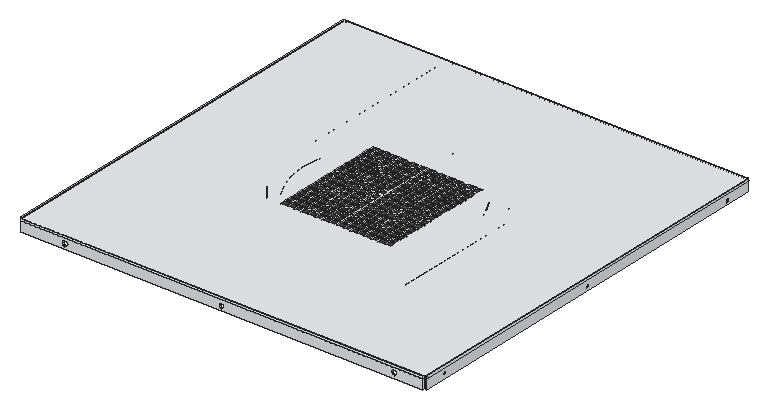
Revit family "DT22", category Communication Devices, host Face, Revit 2014
Parameters
  Width = 23.90"
  Weight in Pounds = 11.3
  Warranty = "TBD"
  Vertical Symmetry = no
  URL = "www.atlassound.com"
  Type Driver = "8\" Dual Cone"
  Speaker Listening Height = 30.00"
  Speaker Height = 120.00"
  Speaker Cone Visible [instance] = no
  Speaker Cone Height [instance] = (Speaker Height - Speaker Listening Height)  # 90.00"
  Sensitivity = 96
  ScheduleType |RF| = "AtlasIED Master"
  Safety Agency Ratings = "UL Listed to Comply with UL1480, UL2043"
  Radius of Speaker Cone [instance] = (Speaker Cone Height) * tan(Dispersion Angle / 2)  # 117.29028"
  Product Page URL = "https://www.atlasied.com/Product/ProductDetails?productId=3137"
  Product Documentation Link = "https://www.atlasied.com/f/3081/ATS004929%20DT22%20Datasheet.pdf"
  Power Rating (RMS) = "10 Watts"
  Part Number = "DT22"
  OmniClass Title = "SPEAKERS"
  OmniClass Number = "23-37 17 13 19"
  Mount Material = Default
  Model = "DT22"
  MaterFormat Title = ""
  MasterFormat = "27 41 13"
  Market = "Commercial, Higher Education, Emergency"
  Manufacturer URL = "https://www.atlasied.com"
  Manufacturer Phone = "(800) 876 - 3333"
  Manufacturer Email = "support@atlasied.com"
  Manufacturer Address = "4545 E. Baseline Rd., Phoenix, AZ 85042"
  Manufacturer = "ATLAS SOUND"
  Ingress Protection = "IP-21"
  IQ Category = "SPEAKERS"
  Horizontal Symmetry = no
  Height = 23.90"
  Grill Material = none
  Frequency Response  = "100Hz-5kHz"
  Family Code (default) = "ITS Inc."
  Enclosure Material = none
  Dispersion Angle [instance] = 105.00°
  Description = "2' X 2' DROP TILE LOUDSPEAKER PACKAGE"
  Depth = 4.53"
  Default Elevation = 48.00"
  Cost MSRP = 97.99
  Cost = 0
  Color = none
  Body Material = QF_Plastic - White - Smooth
  Baffle Material = none
  70V Taps [instance] = ".25, .5, 1, 2, & .4 Watts"
  25V Taps = ".25, .5, 1, 2, & .4 Watts"
Reference planes (in)
  plane 1 "Center (Front/Back)": y = 0
  plane 2: z = 0
  plane 3 "Center (Left/Right)": x = 0
  plane 4: x = 23.9
  plane 5: y = 23.9
  plane 6: z = -23.9
  plane 7: x = 11.95
Forms (in)
  Extrusion 1, void
    sketch origin (0, 0, 0) x (1, 0, 0) y (0, 1, 0)
      loop
        line (0, 23.9) -> (0, 0) -> (23.9, 0) -> (23.9, 23.9) -> (0, 23.9)
    from 0 to -4.2
  Blend 2, solid, material "Glass", visible <- "Speaker Cone Visible"
    base sketch origin (15.46159, -168.14521, 0.05) x (0, -1, 0) y (1, 0, 0)
      loop
        circle (-180.09521, -3.51159) r 117.29028
    top sketch origin (15.46159, -168.14521, 0.05) x (0, -1, 0) y (1, 0, 0)
      loop
        circle (-180.09521, -3.51159) r 0.13513
    from 90 <- "Speaker Cone Height" to 0
Lines and regions (in)
  symbolic lines, style "Sound Projection Average", visible <- "Speaker Cone Visible"
    curve 1: circle (11.95, 11.95, 0) r 117.29028 normal (0, 0, 1)
Dimensions and locks (in)
  "Height": level to plane 6
  "Width": plane 3 "Center (Left/Right)" to plane 4
  "Height": plane 5 to plane 1 "Center (Front/Back)"
  equal spacing: plane 3 "Center (Left/Right)", plane 7, plane 4
  "Radius of Speaker Cone": radius of Blend 2 sketch curve
  aligned and locked: plane 2 to host face
  aligned and locked: level to host face
  aligned and locked: curve 1 to Blend 2
Automatic sketch dimensions
  host sketch curve to host sketch curve = 96.00"  (x2)
  plane 1 "Center (Front/Back)" to Extrusion 1 sketch curve = 0.00"
  Extrusion 1 sketch curve to plane 3 "Center (Left/Right)" = 0.00"
  Extrusion 1 sketch curve to plane 4 = 0.00"
  Extrusion 1 sketch curve to plane 5 = 0.00"
  plane 3 "Center (Left/Right)" to Blend 2 sketch curve = 11.95"
  Blend 2 sketch curve to plane 1 "Center (Front/Back)" = 11.95"  (x2)
  Blend 2 sketch curve to plane 7 = 0.00"
  radius of Blend 2 sketch curve = 0.13513"
Nested families (in)
  nested 1: "ATLAS SOUND_DT22" at (11.95, 11.95, -4.48), type "FEST-SERIES"
    with Family Version "2017-01", Bracket Offset 0.00", Bracket yes
Definition of nested family "ATLAS SOUND_DT22"
  Parameters (values of type "FEST-SERIES")
    Width = 17.63"
    Weight Product = 0
    Warranty = "TBD"
    Vertical Symmetry = yes
    URL = "www.atlassound.com"
    Specification by User (default) = "TBD"
    ScheduleType |RF| = "AtlasIED Master"
    Product Page URL = "https://www.atlasied.com/fest-i8s"
    Product Documentation Link = "https://www.atlasied.com/f/2864/ATS002382C%20IP%20Enclosures%20Datasheet.pdf"
    OmniClass Title = "AUDIO VISUAL ENCLOSURES"
    OmniClass Number = "23-37 17 13 19"
    Mount Material = Default
    Model = "FEST-I8S"
    MaterFormat Title = "Public Information Systems"
    MasterFormat = "27 41 13"
    Market = "Commercial, Higher Education, Emergency"
    Manufacturer URL = "https://www.atlasied.com"
    Manufacturer Phone = "(800) 876 - 3333"
    Manufacturer Email = "support@atlasied.com"
    Manufacturer Address = "4545 E. Baseline Rd., Phoenix, AZ 85042"
    Manufacturer = "ATLAS SOUND"
    Ingress Protection = "TBD"
    IQ Category = "AUDIO VISUAL ENCLOSURES"
    Horizontal Symmetry = yes
    Height = 10.63"
    Grill Material = none
    Family Version [instance] = "2017-01"
    Family Code (default) = "LOUD SPEAKERS"
    Enclosure Material = none
    Description = "FLUSH MOUNT ENCLOSURE IS DESIGNED FOR USE ONLY WITH ATLAS SOUND LOUDSPEAKER SYSTEM MODELS I8S AND I8SM. THE UNIT INCLUDES A SLOT STYLE MOUNTING SYSTEM TO ACCOMMODATE ALMOST ANY MATERIAL THICKNESS. THE ENCLOSURE IS CONSTRUCTED OF 20-GAUGE CRS AND FINISHED IN RECLAIMED POWDER COAT FINISH."
    Depth = 3.75"
    Cost MSRP = 0
    Cost = 0
    Color = none
    Bracket Spacing = 15.50"
    Bracket Offset [instance] = 0.00"
    Bracket [instance] = yes
    Body Spacing = 10.63"
    Body Material = QF_Plastic - White - Smooth
    Baffle Material = none
  Reference planes (in)
    plane 1 "Center (Front/Back)": y = 0
    plane 2: z = 0
    plane 3 "Center (Left/Right)": x = 0
    plane 4: z = 4.53
    plane 5: y = 11.95
    plane 6: y = -11.95
    plane 7: x = -11.95
    plane 8: x = 11.95
    plane 9: z = 4.48
    plane 10: x = 5.805
    plane 11: x = -5.805
    plane 12: y = 5.805
    plane 13: y = -5.805
    plane 14: z = 3.84202
    plane 15: z = 4.42202
  Forms (in)
    Extrusion 1, solid, material "QF_Plastic - White - Smooth" <- "Body Material"
      sketch origin (0, -0.04687, -0.78125) x (1, 0, 0) y (0, 1, 0)
        loop
          line (11.9, -11.77466) -> (11.9, 11.86841) -> (11.81656, 11.94687) -> (-11.81656, 11.94687) -> (-11.9, 11.86841) -> (-11.9, -11.77466) -> (-11.81656, -11.85313) -> (11.81656, -11.85313) -> (11.9, -11.77466)
        loop
          line (-3.41, 3.45687) -> (-3.41, 3.14211) -> (-3.06661, 3.14211) -> (-3.06661, 3.45687) -> (-3.41, 3.45687)
        loop
          line (-3.41, 2.72858) -> (-3.06661, 2.72858) -> (-3.06661, 3.05298) -> (-3.41, 3.05298) -> (-3.41, 2.72858)
        loop
          line (-3.41, 2.63945) -> (-3.41, 2.28294) -> (-3.06661, 2.28294) -> (-3.06661, 2.63945) -> (-3.41, 2.63945)
        loop
          line (-3.41, 2.20618) -> (-3.41, 1.90004) -> (-3.06661, 1.90004) -> (-3.06661, 2.20618) -> (-3.41, 2.20618)
        loop
          line (-3.41, 1.8285) -> (-3.41, 1.50764) -> (-3.06661, 1.50764) -> (-3.06661, 1.8285) -> (-3.41, 1.8285)
        loop
          line (-3.41, 1.42742) -> (-3.41, 1.09765) -> (-3.06661, 1.09765) -> (-3.06661, 1.42742) -> (-3.41, 1.42742)
        loop
          line (-3.41, 1.03972) -> (-3.41, 0.70549) -> (-3.06661, 0.70549) -> (-3.06661, 1.03972) -> (-3.41, 1.03972)
        loop
          line (-3.41, 0.62973) -> (-3.41, 0.27767) -> (-3.06661, 0.27767) -> (-3.06661, 0.62973) -> (-3.41, 0.62973)
        loop
          line (-3.41, 0.17953) -> (-3.41, -0.25179) -> (-3.06661, -0.25179) -> (-3.06661, 0.17953) -> (-3.41, 0.17953)
        loop
          line (-3.41, -0.3394) -> (-3.41, -0.72505) -> (-3.06661, -0.72505) -> (-3.06661, -0.3394) -> (-3.41, -0.3394)
        loop
          line (-3.41, -0.80018) -> (-3.41, -1.24194) -> (-3.06661, -1.24194) -> (-3.06661, -0.80018) -> (-3.41, -0.80018)
        loop
          line (-3.41, -1.31557) -> (-3.41, -1.67208) -> (-3.06661, -1.67208) -> (-3.06661, -1.31557) -> (-3.41, -1.31557)
        loop
          line (-3.41, -1.73986) -> (-3.41, -2.08087) -> (-3.06661, -2.08087) -> (-3.06661, -1.73986) -> (-3.41, -1.73986)
        loop
          line (-3.41, -2.14288) -> (-3.41, -2.47363) -> (-3.06661, -2.47363) -> (-3.06661, -2.14288) -> (-3.41, -2.14288)
        loop
          line (-3.41, -2.53448) -> (-3.41, -2.88712) -> (-3.06661, -2.88712) -> (-3.06661, -2.53448) -> (-3.41, -2.53448)
        loop
          line (-3.41, -2.94524) -> (-3.41, -3.31338) -> (-3.06661, -3.31338) -> (-3.06661, -2.94524) -> (-3.41, -2.94524)
        loop
          line (-3.00375, 3.45687) -> (-3.00375, 3.14211) -> (-2.66036, 3.14211) -> (-2.66036, 3.45687) -> (-3.00375, 3.45687)
        loop
          line (-3.00375, 2.72858) -> (-2.66036, 2.72858) -> (-2.66036, 3.05298) -> (-3.00375, 3.05298) -> (-3.00375, 2.72858)
        loop
          line (-3.00375, 2.63945) -> (-3.00375, 2.28294) -> (-2.66036, 2.28294) -> (-2.66036, 2.63945) -> (-3.00375, 2.63945)
        loop
          line (-3.00375, 2.20618) -> (-3.00375, 1.90004) -> (-2.66036, 1.90004) -> (-2.66036, 2.20618) -> (-3.00375, 2.20618)
        loop
          line (-3.00375, 1.8285) -> (-3.00375, 1.50764) -> (-2.66036, 1.50764) -> (-2.66036, 1.8285) -> (-3.00375, 1.8285)
        loop
          line (-3.00375, 1.42742) -> (-3.00375, 1.09765) -> (-2.66036, 1.09765) -> (-2.66036, 1.42742) -> (-3.00375, 1.42742)
        loop
          line (-3.00375, 1.03972) -> (-3.00375, 0.70549) -> (-2.66036, 0.70549) -> (-2.66036, 1.03972) -> (-3.00375, 1.03972)
        loop
          line (-3.00375, 0.62973) -> (-3.00375, 0.27767) -> (-2.66036, 0.27767) -> (-2.66036, 0.62973) -> (-3.00375, 0.62973)
        loop
          line (-3.00375, 0.17953) -> (-3.00375, -0.25179) -> (-2.66036, -0.25179) -> (-2.66036, 0.17953) -> (-3.00375, 0.17953)
        loop
          line (-3.00375, -0.3394) -> (-3.00375, -0.72505) -> (-2.66036, -0.72505) -> (-2.66036, -0.3394) -> (-3.00375, -0.3394)
        loop
          line (-3.00375, -0.80018) -> (-3.00375, -1.24194) -> (-2.66036, -1.24194) -> (-2.66036, -0.80018) -> (-3.00375, -0.80018)
        loop
          line (-3.00375, -1.31557) -> (-3.00375, -1.67208) -> (-2.66036, -1.67208) -> (-2.66036, -1.31557) -> (-3.00375, -1.31557)
        loop
          line (-3.00375, -1.73986) -> (-3.00375, -2.08087) -> (-2.66036, -2.08087) -> (-2.66036, -1.73986) -> (-3.00375, -1.73986)
        loop
          line (-3.00375, -2.14288) -> (-3.00375, -2.47363) -> (-2.66036, -2.47363) -> (-2.66036, -2.14288) -> (-3.00375, -2.14288)
        loop
          line (-3.00375, -2.53448) -> (-3.00375, -2.88712) -> (-2.66036, -2.88712) -> (-2.66036, -2.53448) -> (-3.00375, -2.53448)
        loop
          line (-3.00375, -2.94524) -> (-3.00375, -3.31338) -> (-2.66036, -3.31338) -> (-2.66036, -2.94524) -> (-3.00375, -2.94524)
        loop
          line (-2.61029, 3.45687) -> (-2.61029, 3.14211) -> (-2.2669, 3.14211) -> (-2.2669, 3.45687) -> (-2.61029, 3.45687)
        loop
          line (-2.61029, 2.72858) -> (-2.2669, 2.72858) -> (-2.2669, 3.05298) -> (-2.61029, 3.05298) -> (-2.61029, 2.72858)
        loop
          line (-2.61029, 2.63945) -> (-2.61029, 2.28294) -> (-2.2669, 2.28294) -> (-2.2669, 2.63945) -> (-2.61029, 2.63945)
        loop
          line (-2.61029, 2.20618) -> (-2.61029, 1.90004) -> (-2.2669, 1.90004) -> (-2.2669, 2.20618) -> (-2.61029, 2.20618)
        loop
          line (-2.61029, 1.8285) -> (-2.61029, 1.50764) -> (-2.2669, 1.50764) -> (-2.2669, 1.8285) -> (-2.61029, 1.8285)
        loop
          line (-2.61029, 1.42742) -> (-2.61029, 1.09765) -> (-2.2669, 1.09765) -> (-2.2669, 1.42742) -> (-2.61029, 1.42742)
        loop
          line (-2.61029, 1.03972) -> (-2.61029, 0.70549) -> (-2.2669, 0.70549) -> (-2.2669, 1.03972) -> (-2.61029, 1.03972)
        loop
          line (-2.61029, 0.62973) -> (-2.61029, 0.27767) -> (-2.2669, 0.27767) -> (-2.2669, 0.62973) -> (-2.61029, 0.62973)
        loop
          line (-2.61029, 0.17953) -> (-2.61029, -0.25179) -> (-2.2669, -0.25179) -> (-2.2669, 0.17953) -> (-2.61029, 0.17953)
        loop
          line (-2.61029, -0.3394) -> (-2.61029, -0.72505) -> (-2.2669, -0.72505) -> (-2.2669, -0.3394) -> (-2.61029, -0.3394)
        loop
          line (-2.61029, -0.80018) -> (-2.61029, -1.24194) -> (-2.2669, -1.24194) -> (-2.2669, -0.80018) -> (-2.61029, -0.80018)
        loop
          line (-2.61029, -1.31557) -> (-2.61029, -1.67208) -> (-2.2669, -1.67208) -> (-2.2669, -1.31557) -> (-2.61029, -1.31557)
        loop
          line (-2.61029, -1.73986) -> (-2.61029, -2.08087) -> (-2.2669, -2.08087) -> (-2.2669, -1.73986) -> (-2.61029, -1.73986)
        loop
          line (-2.61029, -2.14288) -> (-2.61029, -2.47363) -> (-2.2669, -2.47363) -> (-2.2669, -2.14288) -> (-2.61029, -2.14288)
        loop
          line (-2.61029, -2.53448) -> (-2.61029, -2.88712) -> (-2.2669, -2.88712) -> (-2.2669, -2.53448) -> (-2.61029, -2.53448)
        loop
          line (-2.61029, -2.94524) -> (-2.61029, -3.31338) -> (-2.2669, -3.31338) -> (-2.2669, -2.94524) -> (-2.61029, -2.94524)
        loop
          line (-2.20404, 3.45687) -> (-2.20404, 3.14211) -> (-1.86065, 3.14211) -> (-1.86065, 3.45687) -> (-2.20404, 3.45687)
        loop
          line (-2.20404, 2.72858) -> (-1.86065, 2.72858) -> (-1.86065, 3.05298) -> (-2.20404, 3.05298) -> (-2.20404, 2.72858)
        loop
          line (-2.20404, 2.63945) -> (-2.20404, 2.28294) -> (-1.86065, 2.28294) -> (-1.86065, 2.63945) -> (-2.20404, 2.63945)
        loop
          line (-2.20404, 2.20618) -> (-2.20404, 1.90004) -> (-1.86065, 1.90004) -> (-1.86065, 2.20618) -> (-2.20404, 2.20618)
        loop
          line (-2.20404, 1.8285) -> (-2.20404, 1.50764) -> (-1.86065, 1.50764) -> (-1.86065, 1.8285) -> (-2.20404, 1.8285)
        loop
          line (-2.20404, 1.42742) -> (-2.20404, 1.09765) -> (-1.86065, 1.09765) -> (-1.86065, 1.42742) -> (-2.20404, 1.42742)
        loop
          line (-2.20404, 1.03972) -> (-2.20404, 0.70549) -> (-1.86065, 0.70549) -> (-1.86065, 1.03972) -> (-2.20404, 1.03972)
        loop
          line (-2.20404, 0.62973) -> (-2.20404, 0.27767) -> (-1.86065, 0.27767) -> (-1.86065, 0.62973) -> (-2.20404, 0.62973)
        loop
          line (-2.20404, 0.17953) -> (-2.20404, -0.25179) -> (-1.86065, -0.25179) -> (-1.86065, 0.17953) -> (-2.20404, 0.17953)
        loop
          line (-2.20404, -0.3394) -> (-2.20404, -0.72505) -> (-1.86065, -0.72505) -> (-1.86065, -0.3394) -> (-2.20404, -0.3394)
        loop
          line (-2.20404, -0.80018) -> (-2.20404, -1.24194) -> (-1.86065, -1.24194) -> (-1.86065, -0.80018) -> (-2.20404, -0.80018)
        loop
          line (-2.20404, -1.31557) -> (-2.20404, -1.67208) -> (-1.86065, -1.67208) -> (-1.86065, -1.31557) -> (-2.20404, -1.31557)
        loop
          line (-2.20404, -1.73986) -> (-2.20404, -2.08087) -> (-1.86065, -2.08087) -> (-1.86065, -1.73986) -> (-2.20404, -1.73986)
        loop
          line (-2.20404, -2.14288) -> (-2.20404, -2.47363) -> (-1.86065, -2.47363) -> (-1.86065, -2.14288) -> (-2.20404, -2.14288)
        loop
          line (-2.20404, -2.53448) -> (-2.20404, -2.88712) -> (-1.86065, -2.88712) -> (-1.86065, -2.53448) -> (-2.20404, -2.53448)
        loop
          line (-2.20404, -2.94524) -> (-2.20404, -3.31338) -> (-1.86065, -3.31338) -> (-1.86065, -2.94524) -> (-2.20404, -2.94524)
        loop
          line (-1.785, 3.45687) -> (-1.785, 3.14211) -> (-1.44161, 3.14211) -> (-1.44161, 3.45687) -> (-1.785, 3.45687)
        loop
          line (-1.785, 2.72858) -> (-1.44161, 2.72858) -> (-1.44161, 3.05298) -> (-1.785, 3.05298) -> (-1.785, 2.72858)
        loop
          line (-1.785, 2.63945) -> (-1.785, 2.28294) -> (-1.44161, 2.28294) -> (-1.44161, 2.63945) -> (-1.785, 2.63945)
        loop
          line (-1.785, 2.20618) -> (-1.785, 1.90004) -> (-1.44161, 1.90004) -> (-1.44161, 2.20618) -> (-1.785, 2.20618)
        loop
          line (-1.785, 1.8285) -> (-1.785, 1.50764) -> (-1.44161, 1.50764) -> (-1.44161, 1.8285) -> (-1.785, 1.8285)
        loop
          line (-1.785, 1.42742) -> (-1.785, 1.09765) -> (-1.44161, 1.09765) -> (-1.44161, 1.42742) -> (-1.785, 1.42742)
        loop
          line (-1.785, 1.03972) -> (-1.785, 0.70549) -> (-1.44161, 0.70549) -> (-1.44161, 1.03972) -> (-1.785, 1.03972)
        loop
          line (-1.785, 0.62973) -> (-1.785, 0.27767) -> (-1.44161, 0.27767) -> (-1.44161, 0.62973) -> (-1.785, 0.62973)
        loop
          line (-1.785, 0.17953) -> (-1.785, -0.25179) -> (-1.44161, -0.25179) -> (-1.44161, 0.17953) -> (-1.785, 0.17953)
        loop
          line (-1.785, -0.3394) -> (-1.785, -0.72505) -> (-1.44161, -0.72505) -> (-1.44161, -0.3394) -> (-1.785, -0.3394)
        loop
          line (-1.785, -0.80018) -> (-1.785, -1.24194) -> (-1.44161, -1.24194) -> (-1.44161, -0.80018) -> (-1.785, -0.80018)
        loop
          line (-1.785, -1.31557) -> (-1.785, -1.67208) -> (-1.44161, -1.67208) -> (-1.44161, -1.31557) -> (-1.785, -1.31557)
        loop
          line (-1.785, -1.73986) -> (-1.785, -2.08087) -> (-1.44161, -2.08087) -> (-1.44161, -1.73986) -> (-1.785, -1.73986)
        loop
          line (-1.785, -2.14288) -> (-1.785, -2.47363) -> (-1.44161, -2.47363) -> (-1.44161, -2.14288) -> (-1.785, -2.14288)
        loop
          line (-1.785, -2.53448) -> (-1.785, -2.88712) -> (-1.44161, -2.88712) -> (-1.44161, -2.53448) -> (-1.785, -2.53448)
        loop
          line (-1.785, -2.94524) -> (-1.785, -3.31338) -> (-1.44161, -3.31338) -> (-1.44161, -2.94524) -> (-1.785, -2.94524)
        loop
          line (-1.37875, 3.45687) -> (-1.37875, 3.14211) -> (-1.03536, 3.14211) -> (-1.03536, 3.45687) -> (-1.37875, 3.45687)
        loop
          line (-1.37875, 2.72858) -> (-1.03536, 2.72858) -> (-1.03536, 3.05298) -> (-1.37875, 3.05298) -> (-1.37875, 2.72858)
        loop
          line (-1.37875, 2.63945) -> (-1.37875, 2.28294) -> (-1.03536, 2.28294) -> (-1.03536, 2.63945) -> (-1.37875, 2.63945)
        loop
          line (-1.37875, 2.20618) -> (-1.37875, 1.90004) -> (-1.03536, 1.90004) -> (-1.03536, 2.20618) -> (-1.37875, 2.20618)
        loop
          line (-1.37875, 1.8285) -> (-1.37875, 1.50764) -> (-1.03536, 1.50764) -> (-1.03536, 1.8285) -> (-1.37875, 1.8285)
        loop
          line (-1.37875, 1.42742) -> (-1.37875, 1.09765) -> (-1.03536, 1.09765) -> (-1.03536, 1.42742) -> (-1.37875, 1.42742)
        loop
          line (-1.37875, 1.03972) -> (-1.37875, 0.70549) -> (-1.03536, 0.70549) -> (-1.03536, 1.03972) -> (-1.37875, 1.03972)
        loop
          line (-1.37875, 0.62973) -> (-1.37875, 0.27767) -> (-1.03536, 0.27767) -> (-1.03536, 0.62973) -> (-1.37875, 0.62973)
        loop
          line (-1.37875, 0.17953) -> (-1.37875, -0.25179) -> (-1.03536, -0.25179) -> (-1.03536, 0.17953) -> (-1.37875, 0.17953)
        loop
          line (-1.37875, -0.3394) -> (-1.37875, -0.72505) -> (-1.03536, -0.72505) -> (-1.03536, -0.3394) -> (-1.37875, -0.3394)
        loop
          line (-1.37875, -0.80018) -> (-1.37875, -1.24194) -> (-1.03536, -1.24194) -> (-1.03536, -0.80018) -> (-1.37875, -0.80018)
        loop
          line (-1.37875, -1.31557) -> (-1.37875, -1.67208) -> (-1.03536, -1.67208) -> (-1.03536, -1.31557) -> (-1.37875, -1.31557)
        loop
          line (-1.37875, -1.73986) -> (-1.37875, -2.08087) -> (-1.03536, -2.08087) -> (-1.03536, -1.73986) -> (-1.37875, -1.73986)
        loop
          line (-1.37875, -2.14288) -> (-1.37875, -2.47363) -> (-1.03536, -2.47363) -> (-1.03536, -2.14288) -> (-1.37875, -2.14288)
        loop
          line (-1.37875, -2.53448) -> (-1.37875, -2.88712) -> (-1.03536, -2.88712) -> (-1.03536, -2.53448) -> (-1.37875, -2.53448)
        loop
          line (-1.37875, -2.94524) -> (-1.37875, -3.31338) -> (-1.03536, -3.31338) -> (-1.03536, -2.94524) -> (-1.37875, -2.94524)
        loop
          line (-0.98529, 3.45687) -> (-0.98529, 3.14211) -> (-0.6419, 3.14211) -> (-0.6419, 3.45687) -> (-0.98529, 3.45687)
        loop
          line (-0.98529, 2.72858) -> (-0.6419, 2.72858) -> (-0.6419, 3.05298) -> (-0.98529, 3.05298) -> (-0.98529, 2.72858)
        loop
          line (-0.98529, 2.63945) -> (-0.98529, 2.28294) -> (-0.6419, 2.28294) -> (-0.6419, 2.63945) -> (-0.98529, 2.63945)
        loop
          line (-0.98529, 2.20618) -> (-0.98529, 1.90004) -> (-0.6419, 1.90004) -> (-0.6419, 2.20618) -> (-0.98529, 2.20618)
        loop
          line (-0.98529, 1.8285) -> (-0.98529, 1.50764) -> (-0.6419, 1.50764) -> (-0.6419, 1.8285) -> (-0.98529, 1.8285)
        loop
          line (-0.98529, 1.42742) -> (-0.98529, 1.09765) -> (-0.6419, 1.09765) -> (-0.6419, 1.42742) -> (-0.98529, 1.42742)
        loop
          line (-0.98529, 1.03972) -> (-0.98529, 0.70549) -> (-0.6419, 0.70549) -> (-0.6419, 1.03972) -> (-0.98529, 1.03972)
        loop
          line (-0.98529, 0.62973) -> (-0.98529, 0.27767) -> (-0.6419, 0.27767) -> (-0.6419, 0.62973) -> (-0.98529, 0.62973)
        loop
          line (-0.98529, 0.17953) -> (-0.98529, -0.25179) -> (-0.6419, -0.25179) -> (-0.6419, 0.17953) -> (-0.98529, 0.17953)
        loop
          line (-0.98529, -0.3394) -> (-0.98529, -0.72505) -> (-0.6419, -0.72505) -> (-0.6419, -0.3394) -> (-0.98529, -0.3394)
        loop
          line (-0.98529, -0.80018) -> (-0.98529, -1.24194) -> (-0.6419, -1.24194) -> (-0.6419, -0.80018) -> (-0.98529, -0.80018)
        loop
          line (-0.98529, -1.31557) -> (-0.98529, -1.67208) -> (-0.6419, -1.67208) -> (-0.6419, -1.31557) -> (-0.98529, -1.31557)
        loop
          line (-0.98529, -1.73986) -> (-0.98529, -2.08087) -> (-0.6419, -2.08087) -> (-0.6419, -1.73986) -> (-0.98529, -1.73986)
        loop
          line (-0.98529, -2.14288) -> (-0.98529, -2.47363) -> (-0.6419, -2.47363) -> (-0.6419, -2.14288) -> (-0.98529, -2.14288)
        loop
          line (-0.98529, -2.53448) -> (-0.98529, -2.88712) -> (-0.6419, -2.88712) -> (-0.6419, -2.53448) -> (-0.98529, -2.53448)
        loop
          line (-0.98529, -2.94524) -> (-0.98529, -3.31338) -> (-0.6419, -3.31338) -> (-0.6419, -2.94524) -> (-0.98529, -2.94524)
        loop
          line (-0.57904, 3.45687) -> (-0.57904, 3.14211) -> (-0.23565, 3.14211) -> (-0.23565, 3.45687) -> (-0.57904, 3.45687)
        loop
          line (-0.57904, 2.72858) -> (-0.23565, 2.72858) -> (-0.23565, 3.05298) -> (-0.57904, 3.05298) -> (-0.57904, 2.72858)
        loop
          line (-0.57904, 2.63945) -> (-0.57904, 2.28294) -> (-0.23565, 2.28294) -> (-0.23565, 2.63945) -> (-0.57904, 2.63945)
        loop
          line (-0.57904, 2.20618) -> (-0.57904, 1.90004) -> (-0.23565, 1.90004) -> (-0.23565, 2.20618) -> (-0.57904, 2.20618)
        loop
          line (-0.57904, 1.8285) -> (-0.57904, 1.50764) -> (-0.23565, 1.50764) -> (-0.23565, 1.8285) -> (-0.57904, 1.8285)
        loop
          line (-0.57904, 1.42742) -> (-0.57904, 1.09765) -> (-0.23565, 1.09765) -> (-0.23565, 1.42742) -> (-0.57904, 1.42742)
        loop
          line (-0.57904, 1.03972) -> (-0.57904, 0.70549) -> (-0.23565, 0.70549) -> (-0.23565, 1.03972) -> (-0.57904, 1.03972)
        loop
          line (-0.57904, 0.62973) -> (-0.57904, 0.27767) -> (-0.23565, 0.27767) -> (-0.23565, 0.62973) -> (-0.57904, 0.62973)
        loop
          line (-0.57904, 0.17953) -> (-0.57904, -0.25179) -> (-0.23565, -0.25179) -> (-0.23565, 0.17953) -> (-0.57904, 0.17953)
        loop
          line (-0.57904, -0.3394) -> (-0.57904, -0.72505) -> (-0.23565, -0.72505) -> (-0.23565, -0.3394) -> (-0.57904, -0.3394)
        loop
          line (-0.57904, -0.80018) -> (-0.57904, -1.24194) -> (-0.23565, -1.24194) -> (-0.23565, -0.80018) -> (-0.57904, -0.80018)
        loop
          line (-0.57904, -1.31557) -> (-0.57904, -1.67208) -> (-0.23565, -1.67208) -> (-0.23565, -1.31557) -> (-0.57904, -1.31557)
        loop
          line (-0.57904, -1.73986) -> (-0.57904, -2.08087) -> (-0.23565, -2.08087) -> (-0.23565, -1.73986) -> (-0.57904, -1.73986)
        loop
          line (-0.57904, -2.14288) -> (-0.57904, -2.47363) -> (-0.23565, -2.47363) -> (-0.23565, -2.14288) -> (-0.57904, -2.14288)
        loop
          line (-0.57904, -2.53448) -> (-0.57904, -2.88712) -> (-0.23565, -2.88712) -> (-0.23565, -2.53448) -> (-0.57904, -2.53448)
        loop
          line (-0.57904, -2.94524) -> (-0.57904, -3.31338) -> (-0.23565, -3.31338) -> (-0.23565, -2.94524) -> (-0.57904, -2.94524)
        loop
          line (-0.125, 3.45687) -> (-0.125, 3.14211) -> (0.21839, 3.14211) -> (0.21839, 3.45687) -> (-0.125, 3.45687)
        loop
          line (-0.125, 3.05298) -> (-0.125, 2.72858) -> (0.21839, 2.72858) -> (0.21839, 3.05298) -> (-0.125, 3.05298)
        loop
          line (-0.125, 2.63945) -> (-0.125, 2.28294) -> (0.21839, 2.28294) -> (0.21839, 2.63945) -> (-0.125, 2.63945)
        loop
          line (-0.125, 2.20618) -> (-0.125, 1.90004) -> (0.21839, 1.90004) -> (0.21839, 2.20618) -> (-0.125, 2.20618)
        loop
          line (-0.125, 1.8285) -> (-0.125, 1.50764) -> (0.21839, 1.50764) -> (0.21839, 1.8285) -> (-0.125, 1.8285)
        loop
          line (-0.125, 1.42742) -> (-0.125, 1.09765) -> (0.21839, 1.09765) -> (0.21839, 1.42742) -> (-0.125, 1.42742)
        loop
          line (-0.125, 1.03972) -> (-0.125, 0.70549) -> (0.21839, 0.70549) -> (0.21839, 1.03972) -> (-0.125, 1.03972)
        loop
          line (-0.125, 0.62973) -> (-0.125, 0.27767) -> (0.21839, 0.27767) -> (0.21839, 0.62973) -> (-0.125, 0.62973)
        loop
          line (-0.125, 0.17953) -> (-0.125, -0.25179) -> (0.21839, -0.25179) -> (0.21839, 0.17953) -> (-0.125, 0.17953)
        loop
          line (-0.125, -0.3394) -> (-0.125, -0.72505) -> (0.21839, -0.72505) -> (0.21839, -0.3394) -> (-0.125, -0.3394)
        loop
          line (-0.125, -0.80018) -> (-0.125, -1.24194) -> (0.21839, -1.24194) -> (0.21839, -0.80018) -> (-0.125, -0.80018)
        loop
          line (-0.125, -1.31557) -> (-0.125, -1.67208) -> (0.21839, -1.67208) -> (0.21839, -1.31557) -> (-0.125, -1.31557)
        loop
          line (-0.125, -1.73986) -> (-0.125, -2.08087) -> (0.21839, -2.08087) -> (0.21839, -1.73986) -> (-0.125, -1.73986)
        loop
          line (-0.125, -2.14288) -> (-0.125, -2.47363) -> (0.21839, -2.47363) -> (0.21839, -2.14288) -> (-0.125, -2.14288)
        loop
          line (-0.125, -2.53448) -> (-0.125, -2.88712) -> (0.21839, -2.88712) -> (0.21839, -2.53448) -> (-0.125, -2.53448)
        loop
          line (-0.125, -2.94524) -> (-0.125, -3.31338) -> (0.21839, -3.31338) -> (0.21839, -2.94524) -> (-0.125, -2.94524)
        loop
          line (0.28125, 3.45687) -> (0.28125, 3.14211) -> (0.62464, 3.14211) -> (0.62464, 3.45687) -> (0.28125, 3.45687)
        loop
          line (0.28125, 2.72858) -> (0.62464, 2.72858) -> (0.62464, 3.05298) -> (0.28125, 3.05298) -> (0.28125, 2.72858)
        loop
          line (0.28125, 2.63945) -> (0.28125, 2.28294) -> (0.62464, 2.28294) -> (0.62464, 2.63945) -> (0.28125, 2.63945)
        loop
          line (0.28125, 2.20618) -> (0.28125, 1.90004) -> (0.62464, 1.90004) -> (0.62464, 2.20618) -> (0.28125, 2.20618)
        loop
          line (0.28125, 1.8285) -> (0.28125, 1.50764) -> (0.62464, 1.50764) -> (0.62464, 1.8285) -> (0.28125, 1.8285)
        loop
          line (0.28125, 1.42742) -> (0.28125, 1.09765) -> (0.62464, 1.09765) -> (0.62464, 1.42742) -> (0.28125, 1.42742)
        loop
          line (0.28125, 1.03972) -> (0.28125, 0.70549) -> (0.62464, 0.70549) -> (0.62464, 1.03972) -> (0.28125, 1.03972)
        loop
          line (0.28125, 0.62973) -> (0.28125, 0.27767) -> (0.62464, 0.27767) -> (0.62464, 0.62973) -> (0.28125, 0.62973)
        loop
          line (0.28125, 0.17953) -> (0.28125, -0.25179) -> (0.62464, -0.25179) -> (0.62464, 0.17953) -> (0.28125, 0.17953)
        loop
          line (0.28125, -0.3394) -> (0.28125, -0.72505) -> (0.62464, -0.72505) -> (0.62464, -0.3394) -> (0.28125, -0.3394)
        loop
          line (0.28125, -0.80018) -> (0.28125, -1.24194) -> (0.62464, -1.24194) -> (0.62464, -0.80018) -> (0.28125, -0.80018)
        loop
          line (0.28125, -1.31557) -> (0.28125, -1.67208) -> (0.62464, -1.67208) -> (0.62464, -1.31557) -> (0.28125, -1.31557)
        loop
          line (0.28125, -1.73986) -> (0.28125, -2.08087) -> (0.62464, -2.08087) -> (0.62464, -1.73986) -> (0.28125, -1.73986)
        loop
          line (0.28125, -2.14288) -> (0.28125, -2.47363) -> (0.62464, -2.47363) -> (0.62464, -2.14288) -> (0.28125, -2.14288)
        loop
          line (0.28125, -2.53448) -> (0.28125, -2.88712) -> (0.62464, -2.88712) -> (0.62464, -2.53448) -> (0.28125, -2.53448)
        loop
          line (0.28125, -2.94524) -> (0.28125, -3.31338) -> (0.62464, -3.31338) -> (0.62464, -2.94524) -> (0.28125, -2.94524)
        loop
          line (0.67471, 3.45687) -> (0.67471, 3.14211) -> (1.0181, 3.14211) -> (1.0181, 3.45687) -> (0.67471, 3.45687)
        loop
          line (0.67471, 2.72858) -> (1.0181, 2.72858) -> (1.0181, 3.05298) -> (0.67471, 3.05298) -> (0.67471, 2.72858)
        loop
          line (0.67471, 2.63945) -> (0.67471, 2.28294) -> (1.0181, 2.28294) -> (1.0181, 2.63945) -> (0.67471, 2.63945)
        loop
          line (0.67471, 2.20618) -> (0.67471, 1.90004) -> (1.0181, 1.90004) -> (1.0181, 2.20618) -> (0.67471, 2.20618)
        loop
          line (0.67471, 1.8285) -> (0.67471, 1.50764) -> (1.0181, 1.50764) -> (1.0181, 1.8285) -> (0.67471, 1.8285)
        loop
          line (0.67471, 1.42742) -> (0.67471, 1.09765) -> (1.0181, 1.09765) -> (1.0181, 1.42742) -> (0.67471, 1.42742)
        loop
          line (0.67471, 1.03972) -> (0.67471, 0.70549) -> (1.0181, 0.70549) -> (1.0181, 1.03972) -> (0.67471, 1.03972)
        loop
          line (0.67471, 0.62973) -> (0.67471, 0.27767) -> (1.0181, 0.27767) -> (1.0181, 0.62973) -> (0.67471, 0.62973)
        loop
          line (0.67471, 0.17953) -> (0.67471, -0.25179) -> (1.0181, -0.25179) -> (1.0181, 0.17953) -> (0.67471, 0.17953)
        loop
          line (0.67471, -0.3394) -> (0.67471, -0.72505) -> (1.0181, -0.72505) -> (1.0181, -0.3394) -> (0.67471, -0.3394)
        loop
          line (0.67471, -0.80018) -> (0.67471, -1.24194) -> (1.0181, -1.24194) -> (1.0181, -0.80018) -> (0.67471, -0.80018)
        loop
          line (0.67471, -1.31557) -> (0.67471, -1.67208) -> (1.0181, -1.67208) -> (1.0181, -1.31557) -> (0.67471, -1.31557)
        loop
          line (0.67471, -1.73986) -> (0.67471, -2.08087) -> (1.0181, -2.08087) -> (1.0181, -1.73986) -> (0.67471, -1.73986)
        loop
          line (0.67471, -2.14288) -> (0.67471, -2.47363) -> (1.0181, -2.47363) -> (1.0181, -2.14288) -> (0.67471, -2.14288)
        loop
          line (0.67471, -2.53448) -> (0.67471, -2.88712) -> (1.0181, -2.88712) -> (1.0181, -2.53448) -> (0.67471, -2.53448)
        loop
          line (0.67471, -2.94524) -> (0.67471, -3.31338) -> (1.0181, -3.31338) -> (1.0181, -2.94524) -> (0.67471, -2.94524)
        loop
          line (1.08096, 3.45687) -> (1.08096, 3.14211) -> (1.42435, 3.14211) -> (1.42435, 3.45687) -> (1.08096, 3.45687)
        loop
          line (1.08096, 2.72858) -> (1.42435, 2.72858) -> (1.42435, 3.05298) -> (1.08096, 3.05298) -> (1.08096, 2.72858)
        loop
          line (1.08096, 2.63945) -> (1.08096, 2.28294) -> (1.42435, 2.28294) -> (1.42435, 2.63945) -> (1.08096, 2.63945)
        loop
          line (1.08096, 2.20618) -> (1.08096, 1.90004) -> (1.42435, 1.90004) -> (1.42435, 2.20618) -> (1.08096, 2.20618)
        loop
          line (1.08096, 1.8285) -> (1.08096, 1.50764) -> (1.42435, 1.50764) -> (1.42435, 1.8285) -> (1.08096, 1.8285)
        loop
          line (1.08096, 1.42742) -> (1.08096, 1.09765) -> (1.42435, 1.09765) -> (1.42435, 1.42742) -> (1.08096, 1.42742)
        loop
          line (1.08096, 1.03972) -> (1.08096, 0.70549) -> (1.42435, 0.70549) -> (1.42435, 1.03972) -> (1.08096, 1.03972)
        loop
          line (1.08096, 0.62973) -> (1.08096, 0.27767) -> (1.42435, 0.27767) -> (1.42435, 0.62973) -> (1.08096, 0.62973)
        loop
          line (1.08096, 0.17953) -> (1.08096, -0.25179) -> (1.42435, -0.25179) -> (1.42435, 0.17953) -> (1.08096, 0.17953)
        loop
          line (1.08096, -0.3394) -> (1.08096, -0.72505) -> (1.42435, -0.72505) -> (1.42435, -0.3394) -> (1.08096, -0.3394)
        loop
          line (1.08096, -0.80018) -> (1.08096, -1.24194) -> (1.42435, -1.24194) -> (1.42435, -0.80018) -> (1.08096, -0.80018)
        loop
          line (1.08096, -1.31557) -> (1.08096, -1.67208) -> (1.42435, -1.67208) -> (1.42435, -1.31557) -> (1.08096, -1.31557)
        loop
          line (1.08096, -1.73986) -> (1.08096, -2.08087) -> (1.42435, -2.08087) -> (1.42435, -1.73986) -> (1.08096, -1.73986)
        loop
          line (1.08096, -2.14288) -> (1.08096, -2.47363) -> (1.42435, -2.47363) -> (1.42435, -2.14288) -> (1.08096, -2.14288)
        loop
          line (1.08096, -2.53448) -> (1.08096, -2.88712) -> (1.42435, -2.88712) -> (1.42435, -2.53448) -> (1.08096, -2.53448)
        loop
          line (1.08096, -2.94524) -> (1.08096, -3.31338) -> (1.42435, -3.31338) -> (1.42435, -2.94524) -> (1.08096, -2.94524)
        loop
          line (1.5, 3.45687) -> (1.5, 3.14211) -> (1.84339, 3.14211) -> (1.84339, 3.45687) -> (1.5, 3.45687)
        loop
          line (1.5, 2.72858) -> (1.84339, 2.72858) -> (1.84339, 3.05298) -> (1.5, 3.05298) -> (1.5, 2.72858)
        loop
          line (1.5, 2.63945) -> (1.5, 2.28294) -> (1.84339, 2.28294) -> (1.84339, 2.63945) -> (1.5, 2.63945)
        loop
          line (1.5, 2.20618) -> (1.5, 1.90004) -> (1.84339, 1.90004) -> (1.84339, 2.20618) -> (1.5, 2.20618)
        loop
          line (1.5, 1.8285) -> (1.5, 1.50764) -> (1.84339, 1.50764) -> (1.84339, 1.8285) -> (1.5, 1.8285)
        loop
          line (1.5, 1.42742) -> (1.5, 1.09765) -> (1.84339, 1.09765) -> (1.84339, 1.42742) -> (1.5, 1.42742)
        loop
          line (1.5, 1.03972) -> (1.5, 0.70549) -> (1.84339, 0.70549) -> (1.84339, 1.03972) -> (1.5, 1.03972)
        loop
          line (1.5, 0.62973) -> (1.5, 0.27767) -> (1.84339, 0.27767) -> (1.84339, 0.62973) -> (1.5, 0.62973)
        loop
          line (1.5, 0.17953) -> (1.5, -0.25179) -> (1.84339, -0.25179) -> (1.84339, 0.17953) -> (1.5, 0.17953)
        loop
          line (1.5, -0.3394) -> (1.5, -0.72505) -> (1.84339, -0.72505) -> (1.84339, -0.3394) -> (1.5, -0.3394)
        loop
          line (1.5, -0.80018) -> (1.5, -1.24194) -> (1.84339, -1.24194) -> (1.84339, -0.80018) -> (1.5, -0.80018)
        loop
          line (1.5, -1.31557) -> (1.5, -1.67208) -> (1.84339, -1.67208) -> (1.84339, -1.31557) -> (1.5, -1.31557)
        loop
          line (1.5, -1.73986) -> (1.5, -2.08087) -> (1.84339, -2.08087) -> (1.84339, -1.73986) -> (1.5, -1.73986)
        loop
          line (1.5, -2.14288) -> (1.5, -2.47363) -> (1.84339, -2.47363) -> (1.84339, -2.14288) -> (1.5, -2.14288)
        loop
          line (1.5, -2.53448) -> (1.5, -2.88712) -> (1.84339, -2.88712) -> (1.84339, -2.53448) -> (1.5, -2.53448)
        loop
          line (1.5, -2.94524) -> (1.5, -3.31338) -> (1.84339, -3.31338) -> (1.84339, -2.94524) -> (1.5, -2.94524)
        loop
          line (1.90625, 3.45687) -> (1.90625, 3.14211) -> (2.24964, 3.14211) -> (2.24964, 3.45687) -> (1.90625, 3.45687)
        loop
          line (1.90625, 2.72858) -> (2.24964, 2.72858) -> (2.24964, 3.05298) -> (1.90625, 3.05298) -> (1.90625, 2.72858)
        loop
          line (1.90625, 2.63945) -> (1.90625, 2.28294) -> (2.24964, 2.28294) -> (2.24964, 2.63945) -> (1.90625, 2.63945)
        loop
          line (1.90625, 2.20618) -> (1.90625, 1.90004) -> (2.24964, 1.90004) -> (2.24964, 2.20618) -> (1.90625, 2.20618)
        loop
          line (1.90625, 1.8285) -> (1.90625, 1.50764) -> (2.24964, 1.50764) -> (2.24964, 1.8285) -> (1.90625, 1.8285)
        loop
          line (1.90625, 1.42742) -> (1.90625, 1.09765) -> (2.24964, 1.09765) -> (2.24964, 1.42742) -> (1.90625, 1.42742)
        loop
          line (1.90625, 1.03972) -> (1.90625, 0.70549) -> (2.24964, 0.70549) -> (2.24964, 1.03972) -> (1.90625, 1.03972)
        loop
          line (1.90625, 0.62973) -> (1.90625, 0.27767) -> (2.24964, 0.27767) -> (2.24964, 0.62973) -> (1.90625, 0.62973)
        loop
          line (1.90625, 0.17953) -> (1.90625, -0.25179) -> (2.24964, -0.25179) -> (2.24964, 0.17953) -> (1.90625, 0.17953)
        loop
          line (1.90625, -0.3394) -> (1.90625, -0.72505) -> (2.24964, -0.72505) -> (2.24964, -0.3394) -> (1.90625, -0.3394)
        loop
          line (1.90625, -0.80018) -> (1.90625, -1.24194) -> (2.24964, -1.24194) -> (2.24964, -0.80018) -> (1.90625, -0.80018)
        loop
          line (1.90625, -1.31557) -> (1.90625, -1.67208) -> (2.24964, -1.67208) -> (2.24964, -1.31557) -> (1.90625, -1.31557)
        loop
          line (1.90625, -1.73986) -> (1.90625, -2.08087) -> (2.24964, -2.08087) -> (2.24964, -1.73986) -> (1.90625, -1.73986)
        loop
          line (1.90625, -2.14288) -> (1.90625, -2.47363) -> (2.24964, -2.47363) -> (2.24964, -2.14288) -> (1.90625, -2.14288)
        loop
          line (1.90625, -2.53448) -> (1.90625, -2.88712) -> (2.24964, -2.88712) -> (2.24964, -2.53448) -> (1.90625, -2.53448)
        loop
          line (1.90625, -2.94524) -> (1.90625, -3.31338) -> (2.24964, -3.31338) -> (2.24964, -2.94524) -> (1.90625, -2.94524)
        loop
          line (2.29971, 3.45687) -> (2.29971, 3.14211) -> (2.6431, 3.14211) -> (2.6431, 3.45687) -> (2.29971, 3.45687)
        loop
          line (2.29971, 2.72858) -> (2.6431, 2.72858) -> (2.6431, 3.05298) -> (2.29971, 3.05298) -> (2.29971, 2.72858)
        loop
          line (2.29971, 2.63945) -> (2.29971, 2.28294) -> (2.6431, 2.28294) -> (2.6431, 2.63945) -> (2.29971, 2.63945)
        loop
          line (2.29971, 2.20618) -> (2.29971, 1.90004) -> (2.6431, 1.90004) -> (2.6431, 2.20618) -> (2.29971, 2.20618)
        loop
          line (2.29971, 1.8285) -> (2.29971, 1.50764) -> (2.6431, 1.50764) -> (2.6431, 1.8285) -> (2.29971, 1.8285)
        loop
          line (2.29971, 1.42742) -> (2.29971, 1.09765) -> (2.6431, 1.09765) -> (2.6431, 1.42742) -> (2.29971, 1.42742)
        loop
          line (2.29971, 1.03972) -> (2.29971, 0.70549) -> (2.6431, 0.70549) -> (2.6431, 1.03972) -> (2.29971, 1.03972)
        loop
          line (2.29971, 0.62973) -> (2.29971, 0.27767) -> (2.6431, 0.27767) -> (2.6431, 0.62973) -> (2.29971, 0.62973)
        loop
          line (2.29971, 0.17953) -> (2.29971, -0.25179) -> (2.6431, -0.25179) -> (2.6431, 0.17953) -> (2.29971, 0.17953)
        loop
          line (2.29971, -0.3394) -> (2.29971, -0.72505) -> (2.6431, -0.72505) -> (2.6431, -0.3394) -> (2.29971, -0.3394)
        loop
          line (2.29971, -0.80018) -> (2.29971, -1.24194) -> (2.6431, -1.24194) -> (2.6431, -0.80018) -> (2.29971, -0.80018)
        loop
          line (2.29971, -1.31557) -> (2.29971, -1.67208) -> (2.6431, -1.67208) -> (2.6431, -1.31557) -> (2.29971, -1.31557)
        loop
          line (2.29971, -1.73986) -> (2.29971, -2.08087) -> (2.6431, -2.08087) -> (2.6431, -1.73986) -> (2.29971, -1.73986)
        loop
          line (2.29971, -2.14288) -> (2.29971, -2.47363) -> (2.6431, -2.47363) -> (2.6431, -2.14288) -> (2.29971, -2.14288)
        loop
          line (2.29971, -2.53448) -> (2.29971, -2.88712) -> (2.6431, -2.88712) -> (2.6431, -2.53448) -> (2.29971, -2.53448)
        loop
          line (2.29971, -2.94524) -> (2.29971, -3.31338) -> (2.6431, -3.31338) -> (2.6431, -2.94524) -> (2.29971, -2.94524)
        loop
          line (2.70596, 3.45687) -> (2.70596, 3.14211) -> (3.04935, 3.14211) -> (3.04935, 3.45687) -> (2.70596, 3.45687)
        loop
          line (2.70596, 2.72858) -> (3.04935, 2.72858) -> (3.04935, 3.05298) -> (2.70596, 3.05298) -> (2.70596, 2.72858)
        loop
          line (2.70596, 2.63945) -> (2.70596, 2.28294) -> (3.04935, 2.28294) -> (3.04935, 2.63945) -> (2.70596, 2.63945)
        loop
          line (2.70596, 2.20618) -> (2.70596, 1.90004) -> (3.04935, 1.90004) -> (3.04935, 2.20618) -> (2.70596, 2.20618)
        loop
          line (2.70596, 1.8285) -> (2.70596, 1.50764) -> (3.04935, 1.50764) -> (3.04935, 1.8285) -> (2.70596, 1.8285)
        loop
          line (2.70596, 1.42742) -> (2.70596, 1.09765) -> (3.04935, 1.09765) -> (3.04935, 1.42742) -> (2.70596, 1.42742)
        loop
          line (2.70596, 1.03972) -> (2.70596, 0.70549) -> (3.04935, 0.70549) -> (3.04935, 1.03972) -> (2.70596, 1.03972)
        loop
          line (2.70596, 0.62973) -> (2.70596, 0.27767) -> (3.04935, 0.27767) -> (3.04935, 0.62973) -> (2.70596, 0.62973)
        loop
          line (2.70596, 0.17953) -> (2.70596, -0.25179) -> (3.04935, -0.25179) -> (3.04935, 0.17953) -> (2.70596, 0.17953)
        loop
          line (2.70596, -0.3394) -> (2.70596, -0.72505) -> (3.04935, -0.72505) -> (3.04935, -0.3394) -> (2.70596, -0.3394)
        loop
          line (2.70596, -0.80018) -> (2.70596, -1.24194) -> (3.04935, -1.24194) -> (3.04935, -0.80018) -> (2.70596, -0.80018)
        loop
          line (2.70596, -1.31557) -> (2.70596, -1.67208) -> (3.04935, -1.67208) -> (3.04935, -1.31557) -> (2.70596, -1.31557)
        loop
          line (2.70596, -1.73986) -> (2.70596, -2.08087) -> (3.04935, -2.08087) -> (3.04935, -1.73986) -> (2.70596, -1.73986)
        loop
          line (2.70596, -2.14288) -> (2.70596, -2.47363) -> (3.04935, -2.47363) -> (3.04935, -2.14288) -> (2.70596, -2.14288)
        loop
          line (2.70596, -2.53448) -> (2.70596, -2.88712) -> (3.04935, -2.88712) -> (3.04935, -2.53448) -> (2.70596, -2.53448)
        loop
          line (2.70596, -2.94524) -> (2.70596, -3.31338) -> (3.04935, -3.31338) -> (3.04935, -2.94524) -> (2.70596, -2.94524)
      from 5.26125 to 5.31125
    Revolve 2, solid, material "QF_Plastic - Black - Coarse Textured"
      sketch origin (0, 0, 0) x (1, 0, 0) y (0, 0, 1)
        loop
          line (0, 4.39032) -> (-4.79417, 4.39032) -> (-3.96952, 0.67736)
          arc (-3.96952, 0.67736) -> (-3.66696, 0.21823) -> (-3.16227, 0) r 0.9614
          line (-3.16227, 0) -> (0, 0) -> (0, 4.39032)
        axis (0, 4.39032) -> (0, 0)
      angle from 0 to 360
    Extrusion 3, solid, material "QF_Metal - Stainless - Polished"
      sketch origin (0, 0, 0) x (1, 0, 0) y (0, 1, 0)
        loop
          line (-5.805, 5.805) -> (-5.805, -5.805) -> (5.805, -5.805) -> (5.805, 5.805) -> (-5.805, 5.805)
        loop
          circle (0, 0) r 4.78042
      from 4.39032 to 4.48
    Extrusion 4, solid, material "QF_Plastic - Black - Coarse Textured"
      sketch origin (0, 0, 0.15625) x (1, 0, 0) y (0, 1, 0)
        loop
          arc (-3.24223, -4.81518) -> (-1.69498, -5.55203) -> (0, -5.805) r 5.805
          arc (0, -5.805) -> (5.39843, -2.13423) -> (3.96951, 4.23569) r 5.805
          line (3.96951, 4.23569) -> (3.31027, 3.77408)
          arc (3.31027, 3.77408) -> (2.21512, 4.47214) -> (0.99312, 4.91188) r 5.8609
          line (0.99312, 4.91188) -> (1.03337, 5.10605)
          arc (1.03337, 5.10605) -> (2.12233, 4.77683) -> (3.13558, 4.25959) r 6.38511
          arc (3.13558, 4.25959) -> (3.45943, 4.25884) -> (3.61159, 4.54471) r 0.3139
          arc (3.61159, 4.54471) -> (1.91258, 5.48088) -> (0, 5.805) r 5.805
          arc (0, 5.805) -> (-5.44469, 2.0133) -> (-3.77668, -4.40848) r 5.805
          arc (-3.77668, -4.40848) -> (-3.50107, -4.47284) -> (-3.2641, -4.3181) r 0.36005
          arc (-3.2641, -4.3181) -> (-4.21009, -3.39368) -> (-5.01, -2.34031) r 8.97798
          line (-5.01, -2.34031) -> (-4.83322, -2.16353)
          arc (-4.83322, -2.16353) -> (-3.91051, -3.36214) -> (-2.7119, -4.28485) r 5.86404
          line (-2.7119, -4.28485) -> (-3.24223, -4.81518)
        loop
          circle (0, 0) r 4.78042
        loop
          circle (-3.64962, 3.84055) r 0.25
        loop
          circle (4.24911, 3.20549) r 0.25
        loop
          line (0.25, 5.375) -> (0.125, 5.59151) -> (-0.125, 5.59151) -> (-0.25, 5.375) -> (-0.125, 5.15849) -> (0.125, 5.15849) -> (0.25, 5.375)
        loop
          circle (1.35302, 5.37896) r 0.13898
        loop
          circle (1.91557, 5.15849) r 0.16068
        loop
          circle (2.451, 4.93841) r 0.17253
        loop
          circle (3.00707, 4.64568) r 0.17591
        loop
          line (-4.73447, 2.42695) -> (-4.97595, 2.49166) -> (-5.15272, 2.31488) -> (-5.08802, 2.0734) -> (-4.84654, 2.00869) -> (-4.66976, 2.18547) -> (-4.73447, 2.42695)
        loop
          line (-5.61218, 0) -> (-5.61218, -0.25) -> (-4.9834, -0.25) -> (-4.9834, 0) -> (-5.61218, 0)
        loop
          line (5.13067, -0.08171) -> (5.13067, -0.25) -> (5.62777, -0.25) -> (5.62777, -0.08171) -> (5.13067, -0.08171)
        loop
          line (0.25, -5.10566) -> (0, -4.96132) -> (-0.25, -5.10566) -> (-0.25, -5.39434) -> (0, -5.53868) -> (0.25, -5.39434) -> (0.25, -5.10566)
        loop
          circle (-4.82255, -2.89501) r 0.08335
        loop
          circle (-4.51506, -3.33062) r 0.11234
        loop
          circle (-4.14782, -3.72344) r 0.11709
        loop
          circle (-3.71955, -4.1822) r 0.09769
        loop
          line (2.89099, -4.3535) -> (2.64951, -4.2888) -> (2.47273, -4.46558) -> (2.53743, -4.70706) -> (2.77892, -4.77176) -> (2.95569, -4.59499) -> (2.89099, -4.3535)
        loop
          line (3.94121, -3.26322) -> (3.94121, -3.4869) -> (4.25386, -3.4869) -> (4.25386, -3.26322) -> (3.94121, -3.26322)
        loop
          line (5.00554, -1.37765) -> (4.6637, -1.46925) -> (4.5721, -1.81109) -> (4.82235, -2.06134) -> (5.16419, -1.96974) -> (5.25579, -1.6279) -> (5.00554, -1.37765)
      from 4.23407 to 4.16748
    Extrusion 5, solid, material "QF_Metal - Stainless - Polished"
      sketch origin (-6.57128, -5.805, 48) x (-1, 0, 0) y (0, 0, 1)
        loop
          line (-0.71628, -43.64945) -> (-0.67628, -43.64945) -> (-0.67628, -43.56) -> (0, -43.56) -> (0, -43.52) -> (-0.71628, -43.52) -> (-0.71628, -43.64945)
      from -5.29937 to 16.98938
    Extrusion 6, solid, material "QF_Plastic - White - Smooth" <- "Body Material"
      sketch origin (-6.57128, -5.805, 48) x (-1, 0, 0) y (0, 0, 1)
        loop
          line (5.25372, -43.57798) -> (-18.39392, -43.57798) -> (-18.39392, -44.15798) -> (5.25372, -44.15798) -> (5.25372, -43.57798)
        loop
          circle (2.61615, -43.8511) r 0.16405
        loop
          circle (-6.57128, -43.90313) r 0.13608
        loop
          circle (-16.7415, -43.84795) r 0.14543
      from 17.705 to 17.755
    Extrusion 7, solid, material "QF_Plastic - White - Smooth" <- "Body Material"
      sketch origin (-6.57128, 5.805, 48) x (-1, 0, 0) y (0, 0, -1)
        loop
          line (5.25372, 43.57798) -> (5.25372, 44.15798) -> (-18.39392, 44.15798) -> (-18.39392, 43.57798) -> (5.25372, 43.57798)
        loop
          circle (2.61615, 43.8511) r 0.16405
        loop
          circle (-6.57128, 43.90313) r 0.13608
        loop
          circle (-16.7415, 43.84795) r 0.14543
      from 17.705 to 17.755
    Extrusion 8, solid, material "QF_Plastic - White - Smooth" <- "Body Material"
      sketch origin (18.97287, -11.95, 48) x (1, 0, 0) y (0, 0, -1)
        loop
          arc (-7.07287, 43.47) -> (-7.03336, 43.51727) -> (-7.02287, 43.57798) r 0.11871
          line (-7.02287, 43.57798) -> (-7.07287, 43.57798)
          arc (-7.07287, 43.57798) -> (-7.07943, 43.54323) -> (-7.10609, 43.52) r 0.054
          line (-7.10609, 43.52) -> (-7.07287, 43.52) -> (-7.07287, 43.47)
        loop
          line (-30.87287, 43.47) -> (-30.87287, 43.52) -> (-30.83965, 43.52)
          arc (-30.83965, 43.52) -> (-30.8663, 43.54323) -> (-30.87287, 43.57798) r 0.054
          line (-30.87287, 43.57798) -> (-30.92287, 43.57798)
          arc (-30.92287, 43.57798) -> (-30.91237, 43.51727) -> (-30.87287, 43.47) r 0.11871
      from 0.125 to 23.775
    Extrusion 9, solid, material "QF_Plastic - White - Smooth" <- "Body Material"
      sketch origin (11.95, -17.67126, 48) x (0, -1, 0) y (0, 0, -1)
        loop
          line (-29.57126, 43.47) -> (-29.57126, 43.52) -> (-29.5388, 43.52)
          arc (-29.5388, 43.52) -> (-29.56446, 43.54371) -> (-29.57126, 43.57798) r 0.05646
          line (-29.57126, 43.57798) -> (-29.62126, 43.57798)
          arc (-29.62126, 43.57798) -> (-29.60948, 43.51787) -> (-29.57126, 43.47) r 0.12877
        loop
          arc (-5.77126, 43.47) -> (-5.73304, 43.51787) -> (-5.72126, 43.57798) r 0.12877
          line (-5.72126, 43.57798) -> (-5.77126, 43.57798)
          arc (-5.77126, 43.57798) -> (-5.77806, 43.54371) -> (-5.80372, 43.52) r 0.05646
          line (-5.80372, 43.52) -> (-5.77126, 43.52) -> (-5.77126, 43.47)
      from -0.12736 to -23.775
    Extrusion 10, solid, material "QF_Metal - Stainless - Polished"
      sketch origin (0, 0, 0) x (1, 0, 0) y (0, 1, 0)
        loop
          circle (-1.8063, 5.09905) r 0.11522
      from 4.29909 to 4.32373
    Extrusion 11, solid, material "QF_Metal - Stainless - Polished"
      sketch origin (0, 0, 0) x (1, 0, 0) y (0, 1, 0)
        loop
          circle (-1.80435, 5.10214) r 0.07207
      from 4.11407 to 4.29909
    Extrusion 12, solid, material "QF_Metal - Stainless - Polished"
      sketch origin (6.96565, -3.39738, 0) x (1, 0, 0) y (0, 1, 0)
        loop
          circle (-1.8063, 5.09905) r 0.11522
      from 4.29909 to 4.32373
    Extrusion 13, solid, material "QF_Metal - Stainless - Polished"
      sketch origin (6.96565, -3.39738, 0) x (1, 0, 0) y (0, 1, 0)
        loop
          circle (-1.80435, 5.10214) r 0.07207
      from 4.11407 to 4.29909
    Extrusion 14, solid, material "QF_Metal - Stainless - Polished"
      sketch origin (-3.47683, -4.49493, 0) x (1, 0, 0) y (0, 1, 0)
        loop
          circle (-1.8063, 5.09905) r 0.11522
      from 4.29909 to 4.32373
    Extrusion 15, solid, material "QF_Metal - Stainless - Polished"
      sketch origin (-3.47683, -4.49493, 0) x (1, 0, 0) y (0, 1, 0)
        loop
          circle (-1.80435, 5.10214) r 0.07207
      from 4.11407 to 4.29909
    Extrusion 16, solid, material "QF_Metal - Stainless - Polished"
      sketch origin (2.3568, -10.32856, 0) x (1, 0, 0) y (0, 1, 0)
        loop
          circle (-1.8063, 5.09905) r 0.11522
      from 4.29909 to 4.32373
    Extrusion 17, solid, material "QF_Metal - Stainless - Polished"
      sketch origin (2.3568, -10.32856, 0) x (1, 0, 0) y (0, 1, 0)
        loop
          circle (-1.80435, 5.10214) r 0.07207
      from 4.11407 to 4.29909
    Extrusion 18, solid, material "QF_Plastic - White - Smooth" <- "Body Material"
      sketch origin (11.95, 17.67126, 48) x (0, 1, 0) y (0, 0, 1)
        loop
          line (-29.49626, -43.57798) -> (-29.49626, -44.15798) -> (-5.84626, -44.15798) -> (-5.84626, -43.57798) -> (-29.49626, -43.57798)
        loop
          circle (-28.16826, -43.87346) r 0.11255
        loop
          circle (-17.67126, -43.93125) r 0.11684
        loop
          circle (-7.39296, -43.92014) r 0.14177
      from -0.05 to 0
    Extrusion 19, solid, material "QF_Plastic - White - Smooth" <- "Body Material"
      sketch origin (-11.95, 17.67126, 48) x (0, 1, 0) y (0, 0, -1)
        loop
          line (-29.49626, 43.57798) -> (-5.84626, 43.57798) -> (-5.84626, 44.15798) -> (-29.49626, 44.15798) -> (-29.49626, 43.57798)
        loop
          circle (-28.16826, 43.87346) r 0.11255
        loop
          circle (-17.67126, 43.93125) r 0.11684
        loop
          circle (-7.39296, 43.92014) r 0.14177
      from -0.05 to 0
  Lines and regions (in)
    symbolic lines, visible <- "Bracket"
      curve 1: line (5.344, -0.375, 0) -> (5.31, -0.375, 0)
      curve 2: line (-8.815, -1.909, 0) -> (-8.815, -1.875, 0)
    symbolic lines
      curve 3: line (-11.81656, 11.9, 0) -> (11.81656, 11.9, 0)
      curve 4: line (-11.82264, 11.95, 0) -> (11.82264, 11.95, 0)
      curve 5: line (11.9, 11.82153, 0) -> (11.9, -11.82153, 0)
      curve 6: line (11.95, 11.825, 0) -> (11.95, -11.825, 0)
      curve 7: line (11.81656, -11.9, 0) -> (-11.81656, -11.9, 0)
      curve 8: line (11.82264, -11.95, 0) -> (-11.82264, -11.95, 0)
      curve 9: line (-11.9, -10.97616, 0) -> (-11.9, 10.88241, 0)
      curve 10: line (-11.95, -11.825, 0) -> (-11.95, 11.825, 0)
      curve 11: line (-11.9, -11.82153, 0) -> (-11.9, 11.82153, 0)
      curve 12: line (-3.41, 3.41, 0) -> (-3.06661, 3.41, 0)
      curve 13: line (-3.06661, 3.09524, 0) -> (-3.41, 3.09524, 0)
      curve 14: line (-3.41, 3.09524, 0) -> (-3.41, 3.41, 0)
      curve 15: line (-3.00375, 3.41, 0) -> (-2.66036, 3.41, 0)
      curve 16: line (-3.00375, 3.09524, 0) -> (-3.00375, 3.41, 0)
      curve 17: line (-2.66036, 3.09524, 0) -> (-3.00375, 3.09524, 0)
      curve 18: line (-3.41, 2.68171, 0) -> (-3.41, 3.00611, 0)
      curve 19: line (-3.41, 3.00611, 0) -> (-3.06661, 3.00611, 0)
      curve 20: line (-3.06661, 3.00611, 0) -> (-3.06661, 2.68171, 0)
      curve 21: line (-3.00375, 2.68171, 0) -> (-3.00375, 3.00611, 0)
      curve 22: line (-3.00375, 3.00611, 0) -> (-2.66036, 3.00611, 0)
      curve 23: line (-2.66036, 3.00611, 0) -> (-2.66036, 2.68171, 0)
      curve 24: line (-2.61029, 3.41, 0) -> (-2.2669, 3.41, 0)
      curve 25: line (-2.61029, 3.09524, 0) -> (-2.61029, 3.41, 0)
      curve 26: line (-2.2669, 3.09524, 0) -> (-2.61029, 3.09524, 0)
      curve 27: line (-2.2669, 3.41, 0) -> (-2.2669, 3.09524, 0)
      curve 28: line (-2.20404, 3.41, 0) -> (-1.86065, 3.41, 0)
      curve 29: line (-2.20404, 3.09524, 0) -> (-2.20404, 3.41, 0)
      curve 30: line (-1.86065, 3.09524, 0) -> (-2.20404, 3.09524, 0)
      curve 31: line (-1.86065, 3.41, 0) -> (-1.86065, 3.09524, 0)
      curve 32: line (-1.785, 3.09524, 0) -> (-1.785, 3.41, 0)
      curve 33: line (-1.785, 3.09524, 0) -> (-1.785, 3.41, 0)
      curve 34: line (-1.785, 3.41, 0) -> (-1.44161, 3.41, 0)
      curve 35: line (-1.44161, 3.41, 0) -> (-1.44161, 3.09524, 0)
      curve 36: line (-1.44161, 3.09524, 0) -> (-1.785, 3.09524, 0)
      curve 37: line (-1.37875, 3.09524, 0) -> (-1.37875, 3.41, 0)
      curve 38: line (-1.37875, 3.41, 0) -> (-1.03536, 3.41, 0)
      curve 39: line (-1.03536, 3.41, 0) -> (-1.03536, 3.09524, 0)
      curve 40: line (-1.03536, 3.09524, 0) -> (-1.37875, 3.09524, 0)
      curve 41: line (-1.37875, 3.09524, 0) -> (-1.37875, 3.41, 0)
      curve 42: line (-0.98529, 3.09524, 0) -> (-0.98529, 3.41, 0)
      curve 43: line (-0.98529, 3.41, 0) -> (-0.6419, 3.41, 0)
      curve 44: line (-0.6419, 3.41, 0) -> (-0.6419, 3.09524, 0)
      curve 45: line (-0.6419, 3.09524, 0) -> (-0.98529, 3.09524, 0)
      curve 46: line (-0.57904, 3.09524, 0) -> (-0.57904, 3.41, 0)
      curve 47: line (-0.57904, 3.41, 0) -> (-0.23565, 3.41, 0)
      curve 48: line (-0.23565, 3.41, 0) -> (-0.23565, 3.09524, 0)
      curve 49: line (-0.23565, 3.09524, 0) -> (-0.57904, 3.09524, 0)
      curve 50: line (-0.125, 3.09524, 0) -> (-0.125, 3.41, 0)
      curve 51: line (-0.125, 3.41, 0) -> (0.21839, 3.41, 0)
      curve 52: line (0.21839, 3.41, 0) -> (0.21839, 3.09524, 0)
      curve 53: line (0.21839, 3.09524, 0) -> (-0.125, 3.09524, 0)
      curve 54: line (0.28125, 3.41, 0) -> (0.62464, 3.41, 0)
      curve 55: line (0.28125, 3.09524, 0) -> (0.28125, 3.41, 0)
      curve 56: line (0.62464, 3.09524, 0) -> (0.28125, 3.09524, 0)
